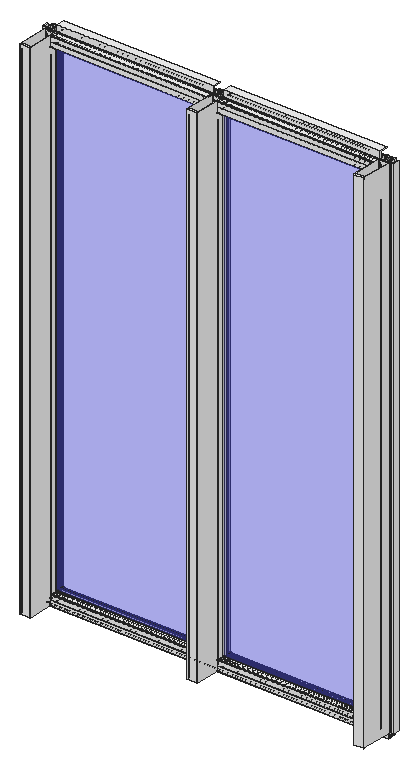
Revit family "Facade_60_Curtain_Wall_S21_Custom", category Windows, host Wall, Revit 2014
Parameters (values of type "F60-S21-Custom")
  Windload Design [instance] = if(Custom Windload < 1001 mm, 1000 mm, if(Custom Windload < 1501 mm, 1500 mm, 2000 mm))  # 1000 mm
  Width [instance] = if(Custom Curtain Wall Width < Limit Door Width Min, Limit Door Width Min, if(Custom Curtain Wall Width > Limit Door Width Max, Limit Door Width Max, Custom Curtain Wall Width))  # 2000 mm
  Wall Thickness [instance] = 200 mm
  Vertical Profile Length [instance] = Height - Frame Bottom Gap  # 2970 mm
  URL = "http://www.crealco.co.za/crealco-products.php"
  Type Comments = ""
  Top Profile Overhang = 5.9 mm  # constant formula
  Thermal Resistance (R) [instance] = if(IGDB or SAGDB Number = 100100, 1.0000 (m²·K)/W / Intruderprufe U Value, if(IGDB or SAGDB Number = 100100, 1.0000 (m²·K)/W / Intruderprufe U Value, if(IGDB or SAGDB Number = 105003, 1.0000 (m²·K)/W / Intruderprufe Insulated U Value, if(IGDB or SAGDB Number = 105004, 1.0000 (m²·K)/W / Intruderprufe Insulated LowE U Value, 1.0000 (m²·K)/W / 7.9)))) * 1  # 0.126582 (m²·K)/W
  Thermal Break Material = Plastic, Opaque Black
  Solar Heat Gain Coefficient [instance] = if(IGDB or SAGDB Number = 100100, Intruderprufe SHGC Value, if(IGDB or SAGDB Number = 103200, Intruderprufe LowE SHGC Value, if(IGDB or SAGDB Number = 105003, Intruderprufe Insulated SHGC Value, if(IGDB or SAGDB Number = 105004, Intruderprufe Insulated LowE SHGC Value, 0))))  # 0
  Single Glazing [instance] = if(DG Forced, 1 = 0, not(Double Glazing))  # no
  Sill Height = 85 mm  # constant formula
  SG Forced [instance] = not(DG Forced)  # no
  Quarter Expansion Break = no
  Overall Width [instance] = 2000 mm
  Overall Height [instance] = 3000 mm
  Mullion Side Gap [instance] = (Width / 2) - 30 mm  # 970 mm
  Mullion Configuration [instance] = if(Windload Design = 1000 mm, if(not(Height > 2490 mm), 1 mm, if(and(not(Height > 4990 mm), not(Width > 1790 mm)), 2 mm, 3 mm)), if(Windload Design = 1500 mm, if(Height > 2490 mm, 3 mm, if(Width > 2990 mm, 2 mm, 1 mm)), if(Height > 2490 mm, 3 mm, if(Width > 1790 mm, 2 mm, 1 mm))))  # 3 mm
  Model = "Facade 60"
  Max System DG Unit Thickness = 25 mm  # constant formula
  Max System DG One Piece Thickness [instance] = rounddown((Max System DG Unit Thickness - DG Gasket Thickness) / 2 mm) * 1 mm  # 6 mm
  Max Pane Area [instance] = Glazing Width * Glazing Height  # 2.74704 m²
  Manufacturer = "Crealco"
  Limit Door Width Min = (2 * Limit Panel Width Min) + (2 * Glazing Side Gap) + 19.6 mm  # 699.2 mm
  Limit Door Width Max = (2 * Limit Panel Width Max) + (2 * Glazing Side Gap) + 19.6 mm  # 6099.2 mm
  Limit Door Height Min = Limit Panel Height Min + Glazing Top Gap + Glazing Bottom Gap  # 409.6 mm
  Limit Door Height Max = Limit Panel Height Max + Glazing Top Gap + Glazing Bottom Gap  # 6109.6 mm
  Limit Panel Width Min = 300 mm  # constant formula
  Limit Panel Width Max = 3000 mm  # constant formula
  Limit Panel Height Min = 300 mm  # constant formula
  Limit Panel Height Max = 6000 mm  # constant formula
  Sill Length [instance] = Width  # 2000 mm
  Length Sill [instance] = Width  # 2000 mm
  Keynote = ""
  Jamb Width = 60 mm  # constant formula
  Intruderprufe U Value = 0
  Intruderprufe SHGC Value = 0
  Intruderprufe LowE U Value = 0
  Intruderprufe LowE SHGC Value = 0
  Intruderprufe Insulated U Value = 0
  Intruderprufe Insulated SHGC Value = 0
  Intruderprufe Insulated LowE U Value = 0
  Intruderprufe Insulated LowE SHGC Value = 0
  Horizontal Profile Length [instance] = (Width - (2 * Jamb Width) - 60 mm) / 2  # 910 mm
  Half Expansion Break = no
  Glazing Width [instance] = Horizontal Profile Length + (2 mm * 20.2)  # 950.4 mm
  Glazing Top Gap = 39.8 mm  # constant formula
  Glazing Side Gap = 39.8 mm  # constant formula
  Glazing Height [instance] = Height - Glazing Top Gap - Glazing Bottom Gap  # 2890.4 mm
  Glazing Gap SG [instance] = (14 mm - SG Thickness) / 2  # 3.8 mm
  Glazing Gap DG [instance] = (28 mm - (DG Thickness + DG Thickness + DG Gasket Thickness)) / 2  # 3 mm
  Glazing Bottom Gap = 69.8 mm  # constant formula
  Frame Thickness = 101.8 mm  # constant formula
  Frame Bottom Gap = 30 mm  # constant formula
  Door Leaf Height [instance] = 2050 mm
  Double Glazing [instance] = yes
  DG Thickness Calc [instance] = if(not(Max Pane Area > 1.125 m²), 4 mm, if(not(Max Pane Area > 2.25 m²), 4 mm, if(not(Max Pane Area > 3.15 m²), 5 mm, if(not(Max Pane Area > 4.35 m²), 6 mm, if(not(Max Pane Area > 6.45 m²), 8 mm, 10 mm)))))  # 5 mm
  DG Thickness [instance] = if(IGDB or SAGDB Number = 105003, 6 mm, if(IGDB or SAGDB Number = 105004, 7 mm, if(DG Thickness Calc > Max System DG One Piece Thickness, Max System DG One Piece Thickness, DG Thickness Calc)))  # 5 mm
  DG Gasket Thickness = 12 mm  # constant formula
  DG Gasket Finish [instance] = Double Glazing Gasket Material
  DG Forced [instance] = if(IGDB or SAGDB Number = 100100, 1 = 0, if(IGDB or SAGDB Number = 103200, 1 = 0, if(IGDB or SAGDB Number = 105003, 1 = 1, if(IGDB or SAGDB Number = 105004, 1 = 1, Double Glazing))))  # yes
  IGDB or SAGDB Number [instance] = 0
  Height [instance] = if(Custom Curtain Wall Height < Limit Door Height Min, Limit Door Height Min, if(Custom Curtain Wall Height > Limit Door Height Max, Limit Door Height Max, Custom Curtain Wall Height))  # 3000 mm
  Heat Transfer Coefficient (U) [instance] = if(IGDB or SAGDB Number = 100100, Intruderprufe U Value, if(IGDB or SAGDB Number = 103200, Intruderprufe LowE U Value, if(IGDB or SAGDB Number = 105003, Intruderprufe Insulated U Value, if(IGDB or SAGDB Number = 105004, Intruderprufe Insulated LowE U Value, 7.9)))) * 1.0000 W/(m²·K)  # 7.9000 W/(m²·K)
  SG Thickness [instance] = if(IGDB or SAGDB Number = 100100, 6 mm, if(IGDB or SAGDB Number = 103200, 7 mm, if(not(Max Pane Area > 0.75 m²), 4 mm, if(not(Max Pane Area > 1.50 m²), 4 mm, if(not(Max Pane Area > 2.10 m²), 5 mm, if(not(Max Pane Area > 2.90 m²), 6.4 mm, if(not(Max Pane Area > 4.30 m²), 8 mm, 10 mm)))))))  # 6.4 mm
  Glazing Material [instance] = if(IGDB or SAGDB Number = 100100, "PFG INTRUDERPRUFE 6.38mm", if(IGDB or SAGDB Number = 103200, "PFG INTRUDERPRUFE LOW-E 7.38mm", if(IGDB or SAGDB Number = 105003, "PFG 25mm INTRUDERPRUFE INSULATED GLASS", if(IGDB or SAGDB Number = 105004, "PFG 25mm INTRUDERPRUFE INSULATED GLASS LOW-E", "Unknown"))))  # "Unknown"
  Glazing Finish [instance] = Glass
  Glazing Code [instance] = if(IGDB or SAGDB Number = 100100, "LAM01", if(IGDB or SAGDB Number = 103200, "LAM01E", if(IGDB or SAGDB Number = 105003, "IGU25", if(IGDB or SAGDB Number = 105004, "IGU25E", "Unknown"))))  # "Unknown"
  Frame Offset From Exterior [instance] = if(Centered In Wall, (Wall Thickness - Frame Thickness) / 2, Custom Offset From Exterior) + 5.9 mm  # 55 mm
  Description = "Curtain Wall, S21"
  Default Sill Height = 0 mm
  Wall Closure = By host
  Custom Curtain Wall Width [instance] = 2000 mm
  Custom Curtain Wall Height [instance] = 3000 mm
  Custom Windload [instance] = 1000 mm
  Custom Offset From Exterior [instance] = 0 mm
  Centered In Wall [instance] = yes
  Aluminium Finish [instance] = White Powder Coated Aluminium ANP 1052
  All Available Glazing Numbers [instance] = "The rows below list the available glazing materials for this window:"  # constant formula
  190mm Mullion [instance] = if(Mullion Configuration = 3 mm, 1 = 1, 1 = 0)  # yes
  160mm Mullion [instance] = if(Mullion Configuration = 2 mm, 1 = 1, 1 = 0)  # no
  105004 [instance] = "IGU25E"  # constant formula
  105003 [instance] = "IGU25"  # constant formula
  103200 [instance] = "LAM01E"  # constant formula
  100mm Mullion [instance] = if(or(Mullion Configuration = 2 mm, Mullion Configuration = 3 mm), 1 = 0, 1 = 1)  # no
  100100 [instance] = "LAM01"  # constant formula
Reference planes
  plane 1 "Center (Front/Back)": y = 0
  plane 2 "Center (Left/Right)": x = 0
  plane 3 "Left": x = -1000
  plane 4 "Right": x = 1000
  plane 5 "Sill": z = 0
  plane 6 "Head": z = 3000
  plane 7 "Exterior": y = 100
  plane 8 "Interior": y = -100
Lines and regions (mm)
  Opening 1
    outline origin (3507.082, -100, 0) x (1, 0, 0) y (0, 0, 1)
      loop
        line (-2507.082, 0) -> (-2507.082, 3000) -> (-4507.082, 3000) -> (-4507.082, 0) -> (-2507.082, 0)
Text (mm)
  text "EXTERIOR" at (-1963.203, 1332.353, 0), in view "Ref. Level"
  text "INTERIOR" at (-1981.466, -818.386, 0), in view "Ref. Level"
  text "Exterior" at (0, 923.751, 2943.296), in view "Right"
  text "Exterior" at (0, 1040.484, 2685.409), in view "Left"
Dimensions and locks
  equal spacing: plane 3 "Left", plane 2 "Center (Left/Right)", plane 4 "Right"
  "Width": plane 3 "Left" to plane 4 "Right"
  "Height": plane 5 "Sill" to plane 6 "Head"
  "Default Sill Height": plane 5 "Sill" to level
  locked: plane 7 "Exterior" to host wall at 0
  locked: plane 8 "Interior" to host wall
  "Overall Height": plane 6 "Head" to plane 5 "Sill"
  "Overall Width": plane 3 "Left" to plane 4 "Right"
  "Wall Thickness": host wall to host wall
  "Jamb Width": nested 3 to plane 4 "Right"
  "Jamb Width": nested 5 to plane 4 "Right"
  "Frame Bottom Gap": nested 5 to level
  "Frame Offset From Exterior": nested 1 to plane 7 "Exterior"
  "Glazing Side Gap": nested 6 to plane 4 "Right"
  "Glazing Top Gap": nested 6 to plane 6 "Head"
  "Glazing Gap SG": nested 6 to nested 1
  "Glazing Side Gap": nested 7 to plane 4 "Right"
  "Glazing Top Gap": nested 7 to plane 6 "Head"
  "Glazing Gap DG": nested 7 to nested 1
  "Mullion Side Gap": nested 8 to plane 4 "Right"
  "Frame Bottom Gap": nested 8 to level
  "Jamb Width": plane 3 "Left" to nested 10
  "Jamb Width": plane 3 "Left" to nested 9
  "Glazing Side Gap": plane 3 "Left" to nested 11
  "Glazing Side Gap": plane 3 "Left" to nested 12
  "Glazing Gap SG": nested 2 to nested 12
  "Glazing Gap DG": nested 2 to nested 11
  "Glazing Bottom Gap": nested 11 to level
  "Glazing Bottom Gap": nested 12 to level
  "Frame Bottom Gap": nested 9 to level
  aligned and locked: plane 4 "Right" to nested 1
  aligned and locked: nested 1 to plane 6 "Head"
  aligned and locked: plane 3 "Left" to nested 2
  aligned and locked: plane 6 "Head" to nested 2
  aligned and locked: nested 3 to plane 6 "Head"
  aligned and locked: nested 4 to level
  aligned and locked: plane 4 "Right" to nested 4
  aligned and locked: nested 1 to nested 2
  aligned and locked: nested 5 to nested 4
  aligned and locked: nested 8 to nested 2
  aligned and locked: nested 10 to plane 6 "Head"
  aligned and locked: nested 5 to nested 10
  aligned and locked: nested 5 to nested 9
  aligned and locked: nested 10 to nested 3
  aligned and locked: nested 10 to nested 2
Automatic sketch dimensions
  plane 3 "Left" to Opening 1 sketch curve = 0 mm
  plane 4 "Right" to Opening 1 sketch curve = 0 mm
  Opening 1 sketch curve to plane 5 "Sill" = 0 mm
  Opening 1 sketch curve to plane 6 "Head" = 0 mm
Nested families
  nested 1: "F60 Vertical Profile Side_S21_Cust" at (1000, -1.058, 30) x (-1, 0, 0) z (0, 0, 1), Thermal Break Material <- "Thermal Break Material", Profile Material <- "Aluminium Finish", Length <- "Vertical Profile Length", Single Glazing <- "SG Forced", Double Glazing <- "DG Forced", 100mm Mullion <- "100mm Mullion", 160mm Mullion <- "160mm Mullion", 190mm Mullion <- "190mm Mullion", Quarter Expansion Break <- "Quarter Expansion Break", Half Expansion Break <- "Half Expansion Break", type "F60 Vertical Profile Side_S21_Cust"
    with Thermal Break Material Plastic, Opaque Black, Single Glazing no, Quarter SG Expansion Break no, Quarter Length 742.5 mm, Quarter Expansion Break no, Quarter DG Expansion Break no, Quarter 190mm Expansion Break no, Quarter 160mm Expansion Break no, Quarter 100mm Expansion Break no, Profile Material White Powder Coated Aluminium ANP 1052, Length 2970 mm, Half SG Expansion Break no, Half Length 1485 mm, Half Expansion Break no, Half DG Expansion Break no, Half 190mm Expansion Joint no, Half 160mm Expansion Break no, Half 100mm Expansion Break no, Double Glazing yes, 190mm Mullion yes, 160mm Mullion no, 100mm Mullion no
  nested 2: "F60 Vertical Profile Side_S21_Cust" at (-1000, -1.058, 30), Thermal Break Material <- "Thermal Break Material", Profile Material <- "Aluminium Finish", Length <- "Vertical Profile Length", Single Glazing <- "SG Forced", Double Glazing <- "DG Forced", 100mm Mullion <- "100mm Mullion", 160mm Mullion <- "160mm Mullion", 190mm Mullion <- "190mm Mullion", Quarter Expansion Break <- "Quarter Expansion Break", Half Expansion Break <- "Half Expansion Break", type "F60 Vertical Profile Side_S21_Cust"
    with Thermal Break Material Plastic, Opaque Black, Single Glazing no, Quarter SG Expansion Break no, Quarter Length 742.5 mm, Quarter Expansion Break no, Quarter DG Expansion Break no, Quarter 190mm Expansion Break no, Quarter 160mm Expansion Break no, Quarter 100mm Expansion Break no, Profile Material White Powder Coated Aluminium ANP 1052, Length 2970 mm, Half SG Expansion Break no, Half Length 1485 mm, Half Expansion Break no, Half DG Expansion Break no, Half 190mm Expansion Joint no, Half 160mm Expansion Break no, Half 100mm Expansion Break no, Double Glazing yes, 190mm Mullion yes, 160mm Mullion no, 100mm Mullion no
  nested 3: "F60 Horizontal Profile Top_S21_Cust" at (940, -50.858, 2940) x (-1, 0, 0) z (0, 0, 1), Thermal Break Material <- "Thermal Break Material", Profile Material <- "Aluminium Finish", Length <- "Horizontal Profile Length", Single Glazing <- "SG Forced", Double Glazing <- "DG Forced", type "F60 Horizontal Profile Top_S21_Cust"
    with Thermal Break Material Plastic, Opaque Black, Single Glazing no, Profile Material White Powder Coated Aluminium ANP 1052, Length 910 mm, Double Glazing yes
  nested 4: "F60 Sill_S21_Cust" at (1000, -13.486, -1.88) x (-1, 0, 0) z (0, 0, 1), Profile Material <- "Aluminium Finish", Length Sill <- "Length Sill", type "F60 Sill_S21_Cust"
    with Profile Material White Powder Coated Aluminium ANP 1052, Length Sill 2000 mm
  nested 5: "F60 Horizontal Profile Bottom_S21_Cust" at (940, -50.858, 30) x (-1, 0, 0) z (0, 0, 1), Thermal Break Material <- "Thermal Break Material", Profile Material <- "Aluminium Finish", Length <- "Horizontal Profile Length", Single Glazing <- "SG Forced", Double Glazing <- "DG Forced", type "F60 Horizontal Profile Bottom_S21_Cust"
    with Thermal Break Material Plastic, Opaque Black, Single Glazing no, Profile Material White Powder Coated Aluminium ANP 1052, Length 910 mm, Double Glazing yes
  nested 6: "F60_Single_Glazing_S21_Cust" at (960.2, 9.142, 69.8), Glazing Width <- "Glazing Width", Glazing Height <- "Glazing Height", SG Thickness <- "SG Thickness", Glazing Finish <- "Glazing Finish", visible <- "SG Forced", type "F60_Single_Glazing_S21_Cust"
    with SG Thickness 6.4 mm, Glazing Width 950.4 mm, Glazing Height 2890.4 mm, Glazing Finish Glass
  nested 7: "F60_Double_Glazing_S21_Cust" at (960.2, 23.942, 69.8), Glazing Material <- "Glazing Finish", Double Glazing Gasket Material <- "DG Gasket Finish", Glazing Width <- "Glazing Width", Glazing Height <- "Glazing Height", Glazing Thickness DG <- "DG Thickness", Double Glazing Gasket Thickness <- "DG Gasket Thickness", visible <- "DG Forced", type "F60_Double_Glazing_S21_Cust"
    with Glazing Width 950.4 mm, Glazing Thickness DG 5 mm, Glazing Material Glass, Glazing Height 2890.4 mm, Double Glazing Gasket Thickness 12 mm, Double Glazing Gasket Material Double Glazing Gasket Material
  nested 8: "F60 Vertical Profile Middle_S21_Cust" at (30, -1.058, 30) x (-1, 0, 0) z (0, 0, 1), Thermal Break Material <- "Thermal Break Material", Profile Material <- "Aluminium Finish", Single Glazing <- "SG Forced", Double Glazing <- "DG Forced", 190mm Mullion <- "190mm Mullion", 160mm Mullion <- "160mm Mullion", 100mm Mullion <- "100mm Mullion", Length <- "Vertical Profile Length", Half Expansion Break <- "Half Expansion Break", Quarter Expansion Break <- "Quarter Expansion Break", type "F60 Vertical Profile Middle_S21_Cust"
    with Thermal Break Material Plastic, Opaque Black, Single Glazing no, Quarter SG Expansion Break no, Quarter Length 742.5 mm, Quarter Expansion Break no, Quarter DG Expansion Break no, Quarter 190mm Expansion Break no, Quarter 160mm Expansion Break no, Quarter 100mm Expansion Break no, Profile Material White Powder Coated Aluminium ANP 1052, Length 2970 mm, Half SG Expansion Break no, Half Length 1485 mm, Half Expansion Break no, Half DG Expansion Break no, Half 190mm Expansion Joint no, Half 160mm Expansion Break no, Half 100mm Expansion Break no, Double Glazing yes, 190mm Mullion yes, 160mm Mullion no, 100mm Mullion no
  nested 9: "F60 Horizontal Profile Bottom_S21_Cust" at (-30, -50.858, 30) x (-1, 0, 0) z (0, 0, 1), Thermal Break Material <- "Thermal Break Material", Profile Material <- "Aluminium Finish", Length <- "Horizontal Profile Length", Single Glazing <- "SG Forced", Double Glazing <- "DG Forced", type "F60 Horizontal Profile Bottom_S21_Cust"
    with Thermal Break Material Plastic, Opaque Black, Single Glazing no, Profile Material White Powder Coated Aluminium ANP 1052, Length 910 mm, Double Glazing yes
  nested 10: "F60 Horizontal Profile Top_S21_Cust" at (-30, -50.858, 2940) x (-1, 0, 0) z (0, 0, 1), Thermal Break Material <- "Thermal Break Material", Profile Material <- "Aluminium Finish", Length <- "Horizontal Profile Length", Single Glazing <- "SG Forced", Double Glazing <- "DG Forced", type "F60 Horizontal Profile Top_S21_Cust"
    with Thermal Break Material Plastic, Opaque Black, Single Glazing no, Profile Material White Powder Coated Aluminium ANP 1052, Length 910 mm, Double Glazing yes
  nested 11: "F60_Double_Glazing_S21_Cust" at (-9.8, 23.942, 69.8), Glazing Material <- "Glazing Finish", Double Glazing Gasket Material <- "DG Gasket Finish", Glazing Width <- "Glazing Width", Glazing Height <- "Glazing Height", Glazing Thickness DG <- "DG Thickness", Double Glazing Gasket Thickness <- "DG Gasket Thickness", visible <- "DG Forced", type "F60_Double_Glazing_S21_Cust"
    with Glazing Width 950.4 mm, Glazing Thickness DG 5 mm, Glazing Material Glass, Glazing Height 2890.4 mm, Double Glazing Gasket Thickness 12 mm, Double Glazing Gasket Material Double Glazing Gasket Material
  nested 12: "F60_Single_Glazing_S21_Cust" at (-9.8, 9.142, 69.8), Glazing Width <- "Glazing Width", Glazing Height <- "Glazing Height", SG Thickness <- "SG Thickness", Glazing Finish <- "Glazing Finish", visible <- "SG Forced", type "F60_Single_Glazing_S21_Cust"
    with SG Thickness 6.4 mm, Glazing Width 950.4 mm, Glazing Height 2890.4 mm, Glazing Finish Glass
Definition of nested family "F60 Vertical Profile Side_S21_Cust"
  Parameters (values of type "F60 Vertical Profile Side")
    Quarter SG Expansion Break [instance] = if(and(Quarter Expansion Break, Single Glazing), 1 = 1, 1 = 0)  # yes
    Quarter Length [instance] = Length / 4  # 62.5 mm
    Thermal Break Material [instance] = none
    Single Glazing [instance] = yes
    Quarter Expansion Break [instance] = yes
    Quarter DG Expansion Break [instance] = if(and(Quarter Expansion Break, Double Glazing), 1 = 1, 1 = 0)  # yes
    Quarter 190mm Expansion Break [instance] = if(and(Quarter Expansion Break, [190mm Mullion]), 1 = 1, 1 = 0)  # yes
    Quarter 160mm Expansion Break [instance] = if(and(Quarter Expansion Break, [160mm Mullion]), 1 = 1, 1 = 0)  # yes
    Quarter 100mm Expansion Break [instance] = if(and(Quarter Expansion Break, [100mm Mullion]), 1 = 1, 1 = 0)  # yes
    Profile Material [instance] = none
    Length [instance] = 250 mm
    Half SG Expansion Break [instance] = if(and(Half Expansion Break, Single Glazing), 1 = 1, 1 = 0)  # yes
    Half Length [instance] = Length / 2  # 125 mm
    Half Expansion Break [instance] = yes
    Half DG Expansion Break [instance] = if(and(Half Expansion Break, Double Glazing), 1 = 1, 1 = 0)  # yes
    Half 190mm Expansion Joint [instance] = if(and(Half Expansion Break, [190mm Mullion]), 1 = 1, 1 = 0)  # yes
    Half 160mm Expansion Break [instance] = if(and(Half Expansion Break, [160mm Mullion]), 1 = 1, 1 = 0)  # yes
    Half 100mm Expansion Break [instance] = if(and(Half Expansion Break, [100mm Mullion]), 1 = 1, 1 = 0)  # yes
    Double Glazing [instance] = yes
    190mm Mullion [instance] = yes
    160mm Mullion [instance] = yes
    100mm Mullion [instance] = yes
  Reference planes
    plane 1 "Center (Front/Back)": y = 0
    plane 2: z = 0
    plane 3 "Center (Left/Right)": x = 0
  Forms (mm)
    Extrusion 1, solid, material <- "Profile Material"
      sketch origin (0, 0, 0) x (1, 0, 0) y (0, 1, 0)
        loop
          arc (25.249, -8.7) -> (25.484, -9.266) -> (26.049, -9.5) r 0.8
          line (26.049, -9.5) -> (27.1, -9.5) -> (27.1, 7) -> (32.902, 7) -> (32.902, -9.5) -> (33.951, -9.5)
          arc (33.951, -9.5) -> (34.516, -9.266) -> (34.751, -8.7) r 0.8
          line (34.751, -8.7) -> (34.751, 6.2)
          arc (34.751, 6.2) -> (34.985, 6.766) -> (35.551, 7) r 0.8
          line (35.551, 7) -> (52.1, 7) -> (52.1, 5.4) -> (50.55, 5.4) -> (50.55, 4.55)
          arc (50.55, 4.55) -> (50.726, 4.126) -> (51.15, 3.95) r 0.6
          line (51.15, 3.95) -> (52.1, 3.95) -> (52.1, 1)
          arc (52.1, 1) -> (51.6, 0.5) -> (52.1, 0) r 0.5
          line (52.1, 0) -> (54.45, 0) -> (54.45, 1.15) -> (53.3, 1.15) -> (53.3, 2.45) -> (58.8, 2.45) -> (58.8, 1.15) -> (57.65, 1.15) -> (57.65, 0) -> (59.5, 0)
          arc (59.5, 0) -> (59.854, 0.146) -> (60, 0.5) r 0.5
          line (60, 0.5) -> (60, 3.9) -> (53.55, 3.9) -> (53.55, 7.6)
          arc (53.55, 7.6) -> (53.316, 8.166) -> (52.75, 8.4) r 0.8
          line (52.75, 8.4) -> (30, 8.4) -> (7.25, 8.4)
          arc (7.25, 8.4) -> (6.684, 8.166) -> (6.45, 7.6) r 0.8
          line (6.45, 7.6) -> (6.45, 3.9) -> (0, 3.9) -> (0, 0.5)
          arc (0, 0.5) -> (0.146, 0.146) -> (0.5, 0) r 0.5
          line (0.5, 0) -> (2.35, 0) -> (2.35, 1.15) -> (1.2, 1.15) -> (1.2, 2.45) -> (6.7, 2.45) -> (6.7, 1.15) -> (5.55, 1.15) -> (5.55, 0) -> (7.9, 0)
          arc (7.9, 0) -> (8.4, 0.5) -> (7.9, 1) r 0.5
          line (7.9, 1) -> (7.9, 3.95) -> (8.85, 3.95)
          arc (8.85, 3.95) -> (9.274, 4.126) -> (9.45, 4.55) r 0.6
          line (9.45, 4.55) -> (9.45, 5.4) -> (7.9, 5.4) -> (7.9, 7) -> (24.449, 7)
          arc (24.449, 7) -> (25.015, 6.766) -> (25.249, 6.2) r 0.8
          line (25.249, 6.2) -> (25.249, -8.7)
      from 0 to 250 <- "Length"
    Extrusion 2, solid, material <- "Thermal Break Material"
      sketch origin (0, 0, 0) x (1, 0, 0) y (0, 1, 0)
        loop
          line (1.75, 9.8) -> (1.75, 5.2) -> (0, 5.2) -> (0, 3.9) -> (6.35, 3.9) -> (6.35, 7.856)
          arc (6.35, 7.856) -> (6.526, 8.281) -> (6.95, 8.456) r 0.6
          line (6.95, 8.456) -> (30, 8.456) -> (53.05, 8.456)
          arc (53.05, 8.456) -> (53.474, 8.281) -> (53.65, 7.856) r 0.6
          line (53.65, 7.856) -> (53.65, 3.9) -> (60, 3.9) -> (60, 5.2) -> (58.25, 5.2) -> (58.25, 9.8) -> (30, 9.8) -> (1.75, 9.8)
      from 0 to 250 <- "Length"
    Extrusion 3, solid, material <- "Thermal Break Material", visible <- "Single Glazing"
      sketch origin (0, 0, 0) x (1, 0, 0) y (0, 1, 0)
        loop
          line (25.749, -14.011) -> (27.672, -14.011) -> (28.481, -12.611) -> (31.518, -12.611) -> (32.327, -14.011) -> (34.249, -14.011)
          arc (34.249, -14.011) -> (34.603, -13.864) -> (34.749, -13.511) r 0.5
          line (34.749, -13.511) -> (34.749, -10.011)
          arc (34.749, -10.011) -> (34.603, -9.657) -> (34.249, -9.511) r 0.5
          line (34.249, -9.511) -> (32.352, -9.511) -> (32.352, 0.19) -> (31.349, 2.261)
          arc (31.349, 2.261) -> (29.999, 2.986) -> (28.649, 2.261) r 1.62
          line (28.649, 2.261) -> (27.647, 0.19) -> (27.647, -9.511) -> (25.749, -9.511)
          arc (25.749, -9.511) -> (25.396, -9.657) -> (25.249, -10.011) r 0.5
          line (25.249, -10.011) -> (25.249, -13.511)
          arc (25.249, -13.511) -> (25.396, -13.864) -> (25.749, -14.011) r 0.5
        loop
          line (28.504, -10.005) -> (28.504, -10.861)
          arc (28.504, -10.861) -> (28.651, -11.214) -> (29.004, -11.361) r 0.5
          line (29.004, -11.361) -> (30.994, -11.361)
          arc (30.994, -11.361) -> (31.348, -11.214) -> (31.494, -10.861) r 0.5
          line (31.494, -10.861) -> (31.494, -10.005) -> (30.708, -9.219)
          arc (30.708, -9.219) -> (30.383, -9.001) -> (29.999, -8.924) r 1.007
          arc (29.999, -8.924) -> (29.616, -8.999) -> (29.292, -9.217) r 0.986
          line (29.292, -9.217) -> (28.504, -10.005)
        loop
          arc (30.896, 1.935) -> (29.887, 2.44) -> (29.005, 1.735) r 1.047
          line (29.005, 1.735) -> (28.347, 0.374) -> (28.347, -6.993)
          arc (28.347, -6.993) -> (28.583, -7.417) -> (29.068, -7.441) r 0.5
          arc (29.068, -7.441) -> (29.999, -7.223) -> (30.93, -7.441) r 2.099
          arc (30.93, -7.441) -> (31.416, -7.417) -> (31.652, -6.993) r 0.5
          line (31.652, -6.993) -> (31.652, 0.374) -> (30.896, 1.935)
      from 0 to 250 <- "Length"
    Extrusion 4, solid, material <- "Profile Material", visible <- "Single Glazing"
      sketch origin (0, 0, 0) x (1, 0, 0) y (0, 1, 0)
        loop
          line (52.693, -14.011) -> (32.327, -14.011) -> (31.519, -12.611) -> (28.481, -12.611) -> (27.673, -14.011) -> (7.307, -14.011) -> (7.307, -15.011) -> (8.457, -15.011) -> (8.457, -16.261) -> (2.957, -16.261) -> (2.957, -15.011) -> (4.107, -15.011) -> (4.107, -14.011) -> (1.707, -14.011)
          arc (1.707, -14.011) -> (1.199, -14.293) -> (1.168, -14.873) r 0.6
          line (1.168, -14.873) -> (2.093, -16.772) -> (1.015, -17.298) -> (1.484, -18.261) -> (11.488, -18.261)
          arc (11.488, -18.261) -> (11.913, -18.085) -> (12.088, -17.661) r 0.6
          line (12.088, -17.661) -> (12.088, -16.811) -> (47.912, -16.811) -> (47.912, -17.661)
          arc (47.912, -17.661) -> (48.088, -18.085) -> (48.512, -18.261) r 0.6
          line (48.512, -18.261) -> (58.518, -18.261) -> (58.987, -17.298) -> (57.908, -16.772) -> (58.834, -14.874)
          arc (58.834, -14.874) -> (58.802, -14.293) -> (58.293, -14.011) r 0.6
          line (58.293, -14.011) -> (55.893, -14.011) -> (55.893, -15.011) -> (57.043, -15.011) -> (57.043, -16.261) -> (51.543, -16.261) -> (51.543, -15.011) -> (52.693, -15.011) -> (52.693, -14.011)
      from 0 to 250 <- "Length"
    Extrusion 5, solid, material <- "Profile Material", visible <- "Single Glazing"
      sketch origin (0, 0, 0) x (1, 0, 0) y (0, 1, 0)
        loop
          line (2.801, -18.261) -> (1.484, -18.261) -> (1.015, -17.298) -> (2.093, -16.772) -> (0.779, -14.076)
          arc (0.779, -14.076) -> (0.239, -14.21) -> (0.001, -14.713) r 0.65
          line (0.001, -14.713) -> (0.001, -28.068)
          arc (0.001, -28.068) -> (1.172, -30.897) -> (4.001, -32.068) r 4
          line (4.001, -32.068) -> (30.001, -32.068) -> (56.001, -32.068)
          arc (56.001, -32.068) -> (58.829, -30.897) -> (60.001, -28.068) r 4
          line (60.001, -28.068) -> (60.001, -14.713)
          arc (60.001, -14.713) -> (59.763, -14.21) -> (59.223, -14.076) r 0.65
          line (59.223, -14.076) -> (57.908, -16.772) -> (58.987, -17.298) -> (58.518, -18.261) -> (57.201, -18.261)
          arc (57.201, -18.261) -> (56.83, -18.425) -> (56.703, -18.811) r 0.5
          arc (56.703, -18.811) -> (56.83, -19.196) -> (57.201, -19.361) r 0.5
          line (57.201, -19.361) -> (58.951, -19.361) -> (58.951, -27.968)
          arc (58.951, -27.968) -> (58.131, -29.948) -> (56.151, -30.768) r 2.8
          line (56.151, -30.768) -> (30.001, -30.768) -> (3.851, -30.768)
          arc (3.851, -30.768) -> (1.871, -29.948) -> (1.051, -27.968) r 2.8
          line (1.051, -27.968) -> (1.051, -19.361) -> (2.801, -19.361)
          arc (2.801, -19.361) -> (3.172, -19.196) -> (3.298, -18.811) r 0.5
          arc (3.298, -18.811) -> (3.172, -18.425) -> (2.801, -18.261) r 0.5
      from 0 to 250 <- "Length"
    Extrusion 6, solid, material <- "Profile Material", visible <- "100mm Mullion"
      sketch origin (0, 0, 0) x (1, 0, 0) y (0, 1, 0)
        loop
          line (14.02, 13) -> (45.98, 13)
          arc (45.98, 13) -> (46.539, 12.842) -> (46.917, 12.4) r 1
          arc (46.917, 12.4) -> (47.285, 11.963) -> (47.833, 11.8) r 1
          line (47.833, 11.8) -> (58.15, 11.8) -> (58.15, 96.3) -> (47.833, 96.3)
          arc (47.833, 96.3) -> (47.285, 96.137) -> (46.917, 95.7) r 1
          arc (46.917, 95.7) -> (46.548, 95.263) -> (46, 95.1) r 1
          line (46, 95.1) -> (14, 95.1)
          arc (14, 95.1) -> (13.452, 95.263) -> (13.083, 95.7) r 1
          arc (13.083, 95.7) -> (12.715, 96.137) -> (12.167, 96.3) r 1
          line (12.167, 96.3) -> (1.85, 96.3) -> (1.85, 11.8) -> (12.167, 11.8)
          arc (12.167, 11.8) -> (12.715, 11.963) -> (13.083, 12.4) r 1
          arc (13.083, 12.4) -> (13.461, 12.842) -> (14.02, 13) r 1
        loop
          line (1.65, 9.856) -> (58.35, 9.856) -> (58.35, 5.2) -> (60, 5.2) -> (60, 98.8)
          arc (60, 98.8) -> (59.707, 99.507) -> (59, 99.8) r 1
          line (59, 99.8) -> (1, 99.8)
          arc (1, 99.8) -> (0.293, 99.507) -> (0, 98.8) r 1
          line (0, 98.8) -> (0, 5.2) -> (1.65, 5.2) -> (1.65, 9.856)
      from 0 to 250 <- "Length"
    Extrusion 7, solid, material <- "Profile Material", visible <- "160mm Mullion"
      sketch origin (0, 0, 0) x (1, 0, 0) y (0, 1, 0)
        loop
          arc (2.35, 15.6) -> (2.526, 15.176) -> (2.95, 15) r 0.6
          line (2.95, 15) -> (57.05, 15)
          arc (57.05, 15) -> (57.474, 15.176) -> (57.65, 15.6) r 0.6
          line (57.65, 15.6) -> (57.65, 153.7)
          arc (57.65, 153.7) -> (57.474, 154.124) -> (57.05, 154.3) r 0.6
          line (57.05, 154.3) -> (47.833, 154.3)
          arc (47.833, 154.3) -> (47.285, 154.137) -> (46.917, 153.7) r 1
          arc (46.917, 153.7) -> (46.548, 153.263) -> (46, 153.1) r 1
          line (46, 153.1) -> (14, 153.1)
          arc (14, 153.1) -> (13.452, 153.263) -> (13.083, 153.7) r 1
          arc (13.083, 153.7) -> (12.715, 154.137) -> (12.167, 154.3) r 1
          line (12.167, 154.3) -> (2.95, 154.3)
          arc (2.95, 154.3) -> (2.526, 154.124) -> (2.35, 153.7) r 0.6
          line (2.35, 153.7) -> (2.35, 15.6)
        loop
          arc (1, 159.8) -> (0.293, 159.507) -> (0, 158.8) r 1
          line (0, 158.8) -> (0, 5.2) -> (1.65, 5.2) -> (1.65, 10.013) -> (58.35, 10.013) -> (58.35, 5.2) -> (60, 5.2) -> (60, 158.8)
          arc (60, 158.8) -> (59.707, 159.507) -> (59, 159.8) r 1
          line (59, 159.8) -> (1, 159.8)
      from 0 to 250 <- "Length"
    Extrusion 8, solid, material <- "Profile Material", visible <- "190mm Mullion"
      sketch origin (0, 0, 0) x (1, 0, 0) y (0, 1, 0)
        loop
          line (57.25, 15.1) -> (57.25, 178.3)
          arc (57.25, 178.3) -> (56.957, 179.007) -> (56.25, 179.3) r 1
          line (56.25, 179.3) -> (3.75, 179.3)
          arc (3.75, 179.3) -> (3.043, 179.007) -> (2.75, 178.3) r 1
          line (2.75, 178.3) -> (2.75, 15.1)
          arc (2.75, 15.1) -> (2.984, 14.534) -> (3.55, 14.3) r 0.8
          line (3.55, 14.3) -> (56.45, 14.3)
          arc (56.45, 14.3) -> (57.016, 14.534) -> (57.25, 15.1) r 0.8
        loop
          line (60, 5.2) -> (60, 188.8)
          arc (60, 188.8) -> (59.707, 189.507) -> (59, 189.8) r 1
          line (59, 189.8) -> (1, 189.8)
          arc (1, 189.8) -> (0.293, 189.507) -> (0, 188.8) r 1
          line (0, 188.8) -> (0, 5.2) -> (1.65, 5.2) -> (1.65, 9.856) -> (58.35, 9.856) -> (58.35, 5.2) -> (60, 5.2)
      from 0 to 250 <- "Length"
    Extrusion 9, solid, material <- "Thermal Break Material", visible <- "Double Glazing"
      sketch origin (0, 0, 0) x (1, 0, 0) y (0, 1, 0)
        loop
          line (27.672, -28) -> (28.48, -26.6) -> (31.518, -26.6) -> (32.326, -28) -> (34.249, -28)
          arc (34.249, -28) -> (34.603, -27.854) -> (34.749, -27.5) r 0.5
          line (34.749, -27.5) -> (34.749, -10)
          arc (34.749, -10) -> (34.603, -9.646) -> (34.249, -9.5) r 0.5
          line (34.249, -9.5) -> (32.352, -9.5) -> (32.352, 0.198) -> (31.348, 2.272)
          arc (31.348, 2.272) -> (29.998, 2.997) -> (28.648, 2.272) r 1.62
          line (28.648, 2.272) -> (27.645, 0.201) -> (27.645, -9.5) -> (25.749, -9.5)
          arc (25.749, -9.5) -> (25.396, -9.646) -> (25.249, -10) r 0.5
          line (25.249, -10) -> (25.249, -27.5)
          arc (25.249, -27.5) -> (25.396, -27.854) -> (25.749, -28) r 0.5
          line (25.749, -28) -> (27.672, -28)
        loop
          arc (30.706, -9.206) -> (30.382, -8.99) -> (29.999, -8.913) r 1.007
          arc (29.999, -8.913) -> (29.616, -8.988) -> (29.292, -9.206) r 0.986
          line (29.292, -9.206) -> (27.142, -11.356)
          arc (27.142, -11.356) -> (26.926, -11.68) -> (26.849, -12.063) r 1
          line (26.849, -12.063) -> (26.849, -24)
          arc (26.849, -24) -> (27.142, -24.707) -> (27.849, -25) r 1
          line (27.849, -25) -> (32.149, -25)
          arc (32.149, -25) -> (32.856, -24.707) -> (33.149, -24) r 1
          line (33.149, -24) -> (33.149, -12.063)
          arc (33.149, -12.063) -> (33.073, -11.68) -> (32.856, -11.356) r 1
          line (32.856, -11.356) -> (30.706, -9.206)
        loop
          arc (28.345, -6.982) -> (28.581, -7.407) -> (29.067, -7.43) r 0.5
          arc (29.067, -7.43) -> (29.998, -7.213) -> (30.929, -7.43) r 2.099
          arc (30.929, -7.43) -> (31.414, -7.407) -> (31.651, -6.982) r 0.5
          line (31.651, -6.982) -> (31.651, 0.385) -> (30.895, 1.946)
          arc (30.895, 1.946) -> (29.885, 2.45) -> (29.004, 1.745) r 1.047
          line (29.004, 1.745) -> (28.345, 0.385) -> (28.345, -6.982)
      from 0 to 250 <- "Length"
    Extrusion 10, solid, material <- "Profile Material", visible <- "Double Glazing"
      sketch origin (0, 0, 0) x (1, 0, 0) y (0, 1, 0)
        loop
          line (52.692, -28) -> (32.327, -28) -> (31.518, -26.6) -> (28.48, -26.6) -> (27.672, -28) -> (7.306, -28) -> (7.306, -29) -> (8.456, -29) -> (8.456, -30.25) -> (2.956, -30.25) -> (2.956, -29) -> (4.106, -29) -> (4.106, -28) -> (1.706, -28)
          arc (1.706, -28) -> (1.198, -28.282) -> (1.167, -28.863) r 0.6
          line (1.167, -28.863) -> (2.093, -30.762) -> (1.014, -31.288) -> (1.483, -32.25) -> (11.488, -32.25)
          arc (11.488, -32.25) -> (11.912, -32.074) -> (12.088, -31.65) r 0.6
          line (12.088, -31.65) -> (12.088, -30.8) -> (47.911, -30.8) -> (47.911, -31.65)
          arc (47.911, -31.65) -> (48.087, -32.074) -> (48.511, -32.25) r 0.6
          line (48.511, -32.25) -> (58.517, -32.25) -> (58.986, -31.288) -> (57.907, -30.762) -> (58.833, -28.864)
          arc (58.833, -28.864) -> (58.801, -28.282) -> (58.292, -28) r 0.6
          line (58.292, -28) -> (55.892, -28) -> (55.892, -29) -> (57.042, -29) -> (57.042, -30.25) -> (51.542, -30.25) -> (51.542, -29) -> (52.692, -29) -> (52.692, -28)
      from 0 to 250 <- "Length"
    Extrusion 11, solid, material <- "Profile Material", visible <- "Double Glazing"
      sketch origin (0, 0, 0) x (1, 0, 0) y (0, 1, 0)
        loop
          line (2.8, -32.25) -> (1.483, -32.25) -> (1.014, -31.288) -> (2.093, -30.762) -> (0.778, -28.065)
          arc (0.778, -28.065) -> (0.238, -28.2) -> (0, -28.702) r 0.65
          line (0, -28.702) -> (0, -42.058)
          arc (0, -42.058) -> (1.172, -44.886) -> (4, -46.058) r 4
          line (4, -46.058) -> (30, -46.058) -> (56, -46.058)
          arc (56, -46.058) -> (58.828, -44.886) -> (60, -42.058) r 4
          line (60, -42.058) -> (60, -28.702)
          arc (60, -28.702) -> (59.762, -28.2) -> (59.222, -28.065) r 0.65
          line (59.222, -28.065) -> (57.907, -30.762) -> (58.986, -31.288) -> (58.517, -32.25) -> (57.2, -32.25)
          arc (57.2, -32.25) -> (56.829, -32.415) -> (56.703, -32.8) r 0.5
          arc (56.703, -32.8) -> (56.829, -33.185) -> (57.2, -33.35) r 0.5
          line (57.2, -33.35) -> (58.95, -33.35) -> (58.95, -41.958)
          arc (58.95, -41.958) -> (58.13, -43.938) -> (56.15, -44.758) r 2.8
          line (56.15, -44.758) -> (30, -44.758) -> (3.85, -44.758)
          arc (3.85, -44.758) -> (1.87, -43.938) -> (1.05, -41.958) r 2.8
          line (1.05, -41.958) -> (1.05, -33.35) -> (2.8, -33.35)
          arc (2.8, -33.35) -> (3.171, -33.185) -> (3.297, -32.8) r 0.5
          arc (3.297, -32.8) -> (3.171, -32.415) -> (2.8, -32.25) r 0.5
      from 0 to 250 <- "Length"
    Extrusion 12, solid, material <- "Profile Material", visible <- "Single Glazing"
      sketch origin (0, 0, 0) x (1, 0, 0) y (0, 1, 0)
        loop
          line (10.403, -10.171) -> (10.403, -3.821) -> (-21.349, -3.821) -> (-21.349, -35.567) -> (-14.999, -35.567) -> (-14.999, -10.171) -> (10.403, -10.171)
      from 0 to 250 <- "Length"
    Extrusion 13, solid, material <- "Profile Material", visible <- "Double Glazing"
      sketch origin (0, 0, 0) x (1, 0, 0) y (0, 1, 0)
        loop
          line (10.402, -7.775) -> (10.402, -1.425) -> (-21.35, -1.425) -> (-21.35, -33.172) -> (-15, -33.172) -> (-15, -7.775) -> (10.402, -7.775)
      from 0 to 250 <- "Length"
    Extrusion 14, solid, material <- "Profile Material", visible <- "Double Glazing"
      sketch origin (0, 0, 0) x (1, 0, 0) y (0, 1, 0)
        loop
          line (12, -7.775) -> (0, -7.775) -> (0, -25.775) -> (12, -25.775) -> (12, -7.775)
        loop
          line (10.8, -8.975) -> (1.2, -8.975) -> (1.2, -24.575) -> (10.8, -24.575) -> (10.8, -8.975)
      from 0 to 250 <- "Length"
  Lines and regions (mm)
    model lines, style "GenericModelHiddenLines", visible <- "Half 100mm Expansion Break"
      curve 1: line (60, 5.2, 125) -> (60, 95.2, 125)
      curve 2: line (60, 99.8, 125) -> (0, 99.8, 125)
      curve 8: line (0, 5.2, 125) -> (0, 95.2, 125)
    model lines, style "GenericModelHiddenLines", visible <- "Quarter 100mm Expansion Break"
      curve 3: line (60, 5.2, 187.5) -> (60, 95.2, 187.5)
      curve 4: line (60, 5.2, 62.5) -> (60, 95.2, 62.5)
      curve 5: line (60, 99.8, 62.5) -> (0, 99.8, 62.5)
      curve 6: line (60, 99.8, 187.5) -> (0, 99.8, 187.5)
      curve 7: line (0, 5.2, 187.5) -> (0, 95.2, 187.5)
      curve 9: line (0, 5.2, 62.5) -> (0, 95.2, 62.5)
    model lines, style "GenericModelHiddenLines", visible <- "Half SG Expansion Break"
      curve 10: line (4.107, -32.068, 125) -> (55.893, -32.068, 125)
      curve 14: line (60.001, -14.011, 125) -> (60.001, -32.068, 125)
    model lines, style "GenericModelHiddenLines", visible <- "Quarter SG Expansion Break"
      curve 11: line (4.107, -32.068, 187.5) -> (56.703, -32.068, 187.5)
      curve 12: line (4.107, -32.068, 62.5) -> (56.703, -32.068, 62.5)
      curve 13: line (60.001, -14.011, 187.5) -> (60.001, -32.068, 187.5)
      curve 15: line (60.001, -14.011, 62.5) -> (60.001, -32.068, 62.5)
    model lines, style "GenericModelHiddenLines", visible <- "Quarter 160mm Expansion Break"
      curve 16: line (0, 5.2, 187.5) -> (0, 155.2, 187.5)
      curve 18: line (0, 5.2, 62.5) -> (0, 155.2, 62.5)
      curve 19: line (0, 159.8, 187.5) -> (60, 159.8, 187.5)
      curve 21: line (0, 159.8, 62.5) -> (60, 159.8, 62.5)
      curve 22: line (60, 5.2, 187.5) -> (60, 155.2, 187.5)
      curve 24: line (60, 5.2, 62.5) -> (60, 155.2, 62.5)
    model lines, style "GenericModelHiddenLines", visible <- "Half 160mm Expansion Break"
      curve 17: line (0, 5.2, 125) -> (0, 155.2, 125)
      curve 20: line (0, 159.8, 125) -> (60, 159.8, 125)
      curve 23: line (60, 5.2, 125) -> (60, 155.2, 125)
    model lines, style "GenericModelHiddenLines", visible <- "Quarter 190mm Expansion Break"
      curve 25: line (0, 5.2, 187.5) -> (0, 185.2, 187.5)
      curve 27: line (0, 5.2, 62.5) -> (0, 185.2, 62.5)
      curve 28: line (0.779, 189.8, 187.5) -> (59.222, 189.8, 187.5)
      curve 30: line (0.779, 189.8, 62.5) -> (59.222, 189.8, 62.5)
      curve 31: line (60, 5.2, 187.5) -> (60, 185.2, 187.5)
      curve 33: line (60, 5.2, 62.5) -> (60, 185.2, 62.5)
    model lines, style "GenericModelHiddenLines", visible <- "Half 190mm Expansion Joint"
      curve 26: line (0, 5.2, 125) -> (0, 185.2, 125)
      curve 29: line (0.779, 189.8, 125) -> (59.222, 189.8, 125)
      curve 32: line (60, 5.2, 125) -> (60, 185.2, 125)
    model lines, style "GenericModelHiddenLines", visible <- "Quarter DG Expansion Break"
      curve 34: line (60, -28.065, 187.5) -> (60, -46.074, 187.5)
      curve 36: line (60, -28.065, 62.5) -> (60, -46.027, 62.5)
      curve 37: line (59.222, -46.058, 187.5) -> (0.779, -46.058, 187.5)
      curve 39: line (59.222, -46.058, 62.5) -> (0.779, -46.058, 62.5)
    model lines, style "GenericModelHiddenLines", visible <- "Half DG Expansion Break"
      curve 35: line (60, -28.065, 125) -> (60, -46.074, 125)
      curve 38: line (59.222, -46.058, 125) -> (0.779, -46.058, 125)
  Dimensions and locks
    "Half Length": curve 1 to level
    "Half Length": level to curve 2
    "Quarter Length": curve 4 to level
    "Quarter Length": Extrusion 8 to curve 3
    "Quarter Length": level to curve 5
    "Quarter Length": curve 6 to Extrusion 6
    "Quarter Length": curve 9 to level
    "Half Length": curve 8 to level
    "Quarter Length": Extrusion 8 to curve 7
    "Quarter Length": curve 12 to level
    "Half Length": curve 10 to level
    "Quarter Length": Extrusion 5 to curve 11
    "Quarter Length": curve 15 to level
    "Half Length": curve 14 to level
    "Quarter Length": Extrusion 5 to curve 13
    "Quarter Length": Extrusion 7 to curve 18
    "Half Length": Extrusion 7 to curve 17
    "Quarter Length": Extrusion 7 to curve 16
    "Quarter Length": Extrusion 7 to curve 21
    "Quarter Length": curve 19 to Extrusion 7
    "Half Length": Extrusion 7 to curve 20
    "Quarter Length": Extrusion 7 to curve 24
    "Quarter Length": Extrusion 7 to curve 22
    "Half Length": Extrusion 7 to curve 23
    "Quarter Length": Extrusion 8 to curve 27
    "Quarter Length": Extrusion 8 to curve 25
    "Half Length": Extrusion 8 to curve 26
    "Quarter Length": Extrusion 8 to curve 30
    "Quarter Length": curve 28 to Extrusion 8
    "Half Length": Extrusion 8 to curve 29
    "Quarter Length": Extrusion 8 to curve 33
    "Quarter Length": Extrusion 8 to curve 31
    "Half Length": Extrusion 8 to curve 32
    "Quarter Length": Extrusion 11 to curve 36
    "Quarter Length": Extrusion 11 to curve 34
    "Half Length": Extrusion 11 to curve 35
    "Quarter Length": Extrusion 11 to curve 37
    "Quarter Length": curve 39 to Extrusion 11
    "Half Length": curve 38 to Extrusion 11
    aligned and locked: level to plane 2
  Automatic sketch dimensions
    Extrusion 1 sketch curve to plane 3 "Center (Left/Right)" = 0 mm
    plane 1 "Center (Front/Back)" to Extrusion 1 sketch curve = 0 mm  (x4)
    plane 3 "Center (Left/Right)" to Extrusion 1 sketch curve = 0.5 mm
    Extrusion 1 sketch curve to Extrusion 1 sketch curve = 0.7 mm  (x2)
    Extrusion 1 sketch curve to Extrusion 1 sketch curve = 1.15 mm  (x4)
    Extrusion 1 sketch curve to Extrusion 1 sketch curve = 3.2 mm  (x2)
    Extrusion 1 sketch curve to Extrusion 1 sketch curve = 0.9 mm
    Extrusion 1 sketch curve to Extrusion 1 sketch curve = 0.25 mm
    Extrusion 1 sketch curve to Extrusion 1 sketch curve = 0.8 mm  (x7)
    Extrusion 1 sketch curve to Extrusion 1 sketch curve = 1.45 mm  (x2)
    Extrusion 1 sketch curve to Extrusion 1 sketch curve = 0.65 mm  (x3)
    Extrusion 1 sketch curve to Extrusion 1 sketch curve = 0.95 mm  (x3)
    Extrusion 1 sketch curve to Extrusion 1 sketch curve = 0.6 mm  (x3)
    Extrusion 1 sketch curve to plane 1 "Center (Front/Back)" = 7 mm
    Extrusion 1 sketch curve to Extrusion 1 sketch curve = 14.999 mm  (x2)
    plane 1 "Center (Front/Back)" to Extrusion 1 sketch curve = 8.7 mm
    Extrusion 1 sketch curve to Extrusion 1 sketch curve = 1.85 mm
    Extrusion 1 sketch curve to Extrusion 1 sketch curve = 2.9 mm
    Extrusion 1 sketch curve to Extrusion 1 sketch curve = 5.802 mm
    Extrusion 1 sketch curve to Extrusion 1 sketch curve = 1.049 mm
    Extrusion 1 sketch curve to plane 1 "Center (Front/Back)" = 4.55 mm
    Extrusion 1 sketch curve to plane 1 "Center (Front/Back)" = 0.5 mm  (x3)
    Extrusion 1 sketch curve to Extrusion 1 sketch curve = 1.2 mm
    Extrusion 1 sketch curve to plane 1 "Center (Front/Back)" = 1.15 mm  (x2)
    Extrusion 1 sketch curve to Extrusion 1 sketch curve = 0 mm
    Extrusion 1 sketch curve to Extrusion 1 sketch curve = 1.3 mm  (x2)
    Extrusion 1 sketch curve to Extrusion 1 sketch curve = 0.05 mm  (x2)
    Extrusion 1 sketch curve to Extrusion 1 sketch curve = 0.85 mm  (x2)
    Extrusion 1 sketch curve to plane 1 "Center (Front/Back)" = 6.2 mm
    Extrusion 2 sketch curve to plane 3 "Center (Left/Right)" = 0 mm
    plane 3 "Center (Left/Right)" to Extrusion 2 sketch curve = 1.75 mm
    Extrusion 2 sketch curve to Extrusion 2 sketch curve = 4.6 mm  (x4)
    Extrusion 2 sketch curve to Extrusion 2 sketch curve = 0.6 mm  (x2)
    Extrusion 2 sketch curve to plane 1 "Center (Front/Back)" = 9.8 mm
    Extrusion 2 sketch curve to Extrusion 2 sketch curve = 23.05 mm  (x2)
    Extrusion 2 sketch curve to Extrusion 2 sketch curve = 0 mm
    Extrusion 2 sketch curve to plane 1 "Center (Front/Back)" = 8.456 mm
    Extrusion 2 sketch curve to Extrusion 2 sketch curve = 1.75 mm
    Extrusion 2 sketch curve to plane 1 "Center (Front/Back)" = 3.9 mm  (x2)
    plane 3 "Center (Left/Right)" to Extrusion 3 sketch curve = 25.249 mm
    Extrusion 3 sketch curve to Extrusion 3 sketch curve = 0.5 mm  (x6)
    Extrusion 3 sketch curve to plane 1 "Center (Front/Back)" = 0.19 mm  (x2)
    Extrusion 3 sketch curve to Extrusion 3 sketch curve = 1.897 mm  (x2)
    Extrusion 3 sketch curve to Extrusion 3 sketch curve = 1.922 mm  (x2)
    Extrusion 3 sketch curve to plane 1 "Center (Front/Back)" = 0.374 mm  (x2)
    Extrusion 3 sketch curve to Extrusion 3 sketch curve = 0.7 mm  (x2)
    plane 1 "Center (Front/Back)" to Extrusion 3 sketch curve = 12.611 mm
    Extrusion 3 sketch curve to Extrusion 3 sketch curve = 0.809 mm
    Extrusion 3 sketch curve to Extrusion 3 sketch curve = 0.858 mm
    Extrusion 3 sketch curve to plane 1 "Center (Front/Back)" = 2.261 mm  (x2)
    Extrusion 3 sketch curve to Extrusion 3 sketch curve = 0.303 mm
    Extrusion 3 sketch curve to plane 1 "Center (Front/Back)" = 1.735 mm
    Extrusion 3 sketch curve to Extrusion 3 sketch curve = 0.356 mm
    plane 1 "Center (Front/Back)" to Extrusion 3 sketch curve = 9.217 mm
    Extrusion 3 sketch curve to Extrusion 3 sketch curve = 0.788 mm
    Extrusion 3 sketch curve to Extrusion 3 sketch curve = 0.701 mm
    Extrusion 3 sketch curve to Extrusion 3 sketch curve = 0.003 mm
    Extrusion 3 sketch curve to Extrusion 3 sketch curve = 0.992 mm
    Extrusion 3 sketch curve to Extrusion 3 sketch curve = 0.006 mm
    Extrusion 3 sketch curve to Extrusion 3 sketch curve = 0.002 mm
    plane 1 "Center (Front/Back)" to Extrusion 3 sketch curve = 9.219 mm
    Extrusion 3 sketch curve to Extrusion 3 sketch curve = 0.709 mm
    Extrusion 3 sketch curve to plane 1 "Center (Front/Back)" = 1.935 mm
    Extrusion 3 sketch curve to Extrusion 3 sketch curve = 0.899 mm
    Extrusion 3 sketch curve to Extrusion 3 sketch curve = 0.998 mm
    Extrusion 3 sketch curve to Extrusion 3 sketch curve = 0.444 mm
    Extrusion 3 sketch curve to Extrusion 3 sketch curve = 0.524 mm
    Extrusion 3 sketch curve to Extrusion 3 sketch curve = 0.756 mm
    Extrusion 3 sketch curve to Extrusion 3 sketch curve = 0.808 mm
    Extrusion 3 sketch curve to Extrusion 3 sketch curve = 0.9 mm  (x2)
    Extrusion 3 sketch curve to Extrusion 3 sketch curve = 1.25 mm
    Extrusion 3 sketch curve to Extrusion 3 sketch curve = 0.85 mm  (x2)
    Extrusion 3 sketch curve to Extrusion 3 sketch curve = 0.856 mm  (x2)
    Extrusion 3 sketch curve to Extrusion 3 sketch curve = 0.714 mm
    Extrusion 3 sketch curve to Extrusion 3 sketch curve = 0.02 mm
    Extrusion 3 sketch curve to Extrusion 3 sketch curve = 0.399 mm
    Extrusion 3 sketch curve to Extrusion 3 sketch curve = 2.224 mm
    Extrusion 3 sketch curve to Extrusion 3 sketch curve = 0.448 mm
    Extrusion 3 sketch curve to Extrusion 3 sketch curve = 0.032 mm
    Extrusion 3 sketch curve to Extrusion 3 sketch curve = 0 mm
    plane 3 "Center (Left/Right)" to Extrusion 4 sketch curve = 1.015 mm
    Extrusion 4 sketch curve to Extrusion 4 sketch curve = 0.469 mm
    plane 3 "Center (Left/Right)" to Extrusion 4 sketch curve = 1.707 mm
    Extrusion 4 sketch curve to Extrusion 4 sketch curve = 1.079 mm
    Extrusion 4 sketch curve to Extrusion 4 sketch curve = 0.864 mm
    Extrusion 4 sketch curve to Extrusion 4 sketch curve = 1.15 mm  (x4)
    Extrusion 4 sketch curve to Extrusion 4 sketch curve = 3.2 mm  (x2)
    Extrusion 4 sketch curve to Extrusion 4 sketch curve = 3.031 mm  (x2)
    Extrusion 4 sketch curve to Extrusion 4 sketch curve = 0.6 mm  (x3)
    Extrusion 4 sketch curve to Extrusion 4 sketch curve = 15.584 mm  (x2)
    plane 1 "Center (Front/Back)" to Extrusion 4 sketch curve = 12.611 mm
    Extrusion 4 sketch curve to Extrusion 4 sketch curve = 0.808 mm  (x2)
    Extrusion 4 sketch curve to Extrusion 4 sketch curve = 3.038 mm
    plane 1 "Center (Front/Back)" to Extrusion 4 sketch curve = 14.011 mm
    plane 1 "Center (Front/Back)" to Extrusion 4 sketch curve = 16.772 mm
    Extrusion 4 sketch curve to Extrusion 4 sketch curve = 0.865 mm
    Extrusion 4 sketch curve to Extrusion 4 sketch curve = 1.25 mm  (x4)
    plane 1 "Center (Front/Back)" to Extrusion 4 sketch curve = 18.261 mm
    Extrusion 4 sketch curve to Extrusion 4 sketch curve = 0.61 mm
    plane 1 "Center (Front/Back)" to Extrusion 4 sketch curve = 17.298 mm
    Extrusion 4 sketch curve to Extrusion 4 sketch curve = 5.65 mm
    Extrusion 4 sketch curve to Extrusion 4 sketch curve = 0.962 mm
    Extrusion 4 sketch curve to Extrusion 4 sketch curve = 0.85 mm
    Extrusion 4 sketch curve to Extrusion 4 sketch curve = 0.512 mm  (x2)
    Extrusion 4 sketch curve to Extrusion 4 sketch curve = 1 mm  (x2)
    Extrusion 4 sketch curve to Extrusion 4 sketch curve = 0.4 mm  (x2)
    Extrusion 4 sketch curve to Extrusion 4 sketch curve = 1.4 mm
    Extrusion 4 sketch curve to Extrusion 4 sketch curve = 0.539 mm  (x2)
    Extrusion 4 sketch curve to Extrusion 4 sketch curve = 0 mm
    plane 1 "Center (Front/Back)" to Extrusion 4 sketch curve = 14.874 mm
    plane 3 "Center (Left/Right)" to Extrusion 5 sketch curve = 0.001 mm
    Extrusion 5 sketch curve to Extrusion 5 sketch curve = 0.65 mm  (x2)
    Extrusion 5 sketch curve to Extrusion 5 sketch curve = 0.128 mm  (x2)
    plane 3 "Center (Left/Right)" to Extrusion 5 sketch curve = 1.015 mm
    plane 3 "Center (Left/Right)" to Extrusion 5 sketch curve = 1.051 mm
    Extrusion 5 sketch curve to Extrusion 5 sketch curve = 0.469 mm  (x2)
    Extrusion 5 sketch curve to Extrusion 5 sketch curve = 1.079 mm
    Extrusion 5 sketch curve to Extrusion 5 sketch curve = 1.317 mm  (x2)
    Extrusion 5 sketch curve to Extrusion 5 sketch curve = 0 mm  (x3)
    plane 3 "Center (Left/Right)" to Extrusion 5 sketch curve = 3.851 mm
    Extrusion 5 sketch curve to Extrusion 5 sketch curve = 0.15 mm  (x2)
    Extrusion 5 sketch curve to Extrusion 5 sketch curve = 26 mm  (x2)
    Extrusion 5 sketch curve to Extrusion 5 sketch curve = 1.05 mm
    plane 1 "Center (Front/Back)" to Extrusion 5 sketch curve = 16.772 mm
    Extrusion 5 sketch curve to Extrusion 5 sketch curve = 0.707 mm
    Extrusion 5 sketch curve to Extrusion 5 sketch curve = 0.433 mm
    plane 1 "Center (Front/Back)" to Extrusion 5 sketch curve = 17.298 mm
    plane 1 "Center (Front/Back)" to Extrusion 5 sketch curve = 14.076 mm
    Extrusion 5 sketch curve to Extrusion 5 sketch curve = 0.5 mm  (x2)
    plane 1 "Center (Front/Back)" to Extrusion 5 sketch curve = 18.761 mm
    Extrusion 5 sketch curve to Extrusion 5 sketch curve = 0.1 mm  (x3)
    Extrusion 5 sketch curve to Extrusion 5 sketch curve = 1.1 mm  (x2)
    Extrusion 5 sketch curve to Extrusion 5 sketch curve = 8.608 mm
    Extrusion 5 sketch curve to Extrusion 5 sketch curve = 0.962 mm
    Extrusion 6 sketch curve to plane 3 "Center (Left/Right)" = 0 mm
    plane 3 "Center (Left/Right)" to Extrusion 6 sketch curve = 1 mm
    plane 3 "Center (Left/Right)" to Extrusion 6 sketch curve = 1.65 mm
    plane 3 "Center (Left/Right)" to Extrusion 6 sketch curve = 1.85 mm
    Extrusion 6 sketch curve to Extrusion 6 sketch curve = 10.317 mm  (x3)
    Extrusion 6 sketch curve to Extrusion 6 sketch curve = 1.833 mm  (x4)
    Extrusion 6 sketch curve to Extrusion 6 sketch curve = 0.02 mm  (x2)
    Extrusion 6 sketch curve to plane 1 "Center (Front/Back)" = 13 mm
    Extrusion 6 sketch curve to Extrusion 6 sketch curve = 31.961 mm
    Extrusion 6 sketch curve to Extrusion 6 sketch curve = 32 mm
    Extrusion 6 sketch curve to Extrusion 6 sketch curve = 0.2 mm  (x5)
    Extrusion 6 sketch curve to Extrusion 6 sketch curve = 0.85 mm
    Extrusion 6 sketch curve to Extrusion 6 sketch curve = 1.65 mm
    Extrusion 6 sketch curve to Extrusion 6 sketch curve = 1 mm  (x8)
    Extrusion 6 sketch curve to Extrusion 6 sketch curve = 1.944 mm
    Extrusion 6 sketch curve to Extrusion 6 sketch curve = 4.656 mm  (x2)
    Extrusion 6 sketch curve to Extrusion 6 sketch curve = 82.1 mm
    Extrusion 6 sketch curve to Extrusion 6 sketch curve = 2.5 mm
    Extrusion 7 sketch curve to plane 3 "Center (Left/Right)" = 0 mm
    Extrusion 7 sketch curve to Extrusion 7 sketch curve = 1 mm  (x3)
    plane 3 "Center (Left/Right)" to Extrusion 7 sketch curve = 1.65 mm
    plane 3 "Center (Left/Right)" to Extrusion 7 sketch curve = 2.35 mm
    Extrusion 7 sketch curve to Extrusion 7 sketch curve = 0.6 mm  (x3)
    Extrusion 7 sketch curve to Extrusion 7 sketch curve = 9.217 mm  (x2)
    Extrusion 7 sketch curve to Extrusion 7 sketch curve = 1.833 mm  (x2)
    Extrusion 7 sketch curve to Extrusion 7 sketch curve = 32 mm
    Extrusion 7 sketch curve to plane 1 "Center (Front/Back)" = 15 mm
    Extrusion 7 sketch curve to Extrusion 7 sketch curve = 54.1 mm
    Extrusion 7 sketch curve to Extrusion 7 sketch curve = 1.3 mm
    Extrusion 7 sketch curve to Extrusion 7 sketch curve = 1.95 mm
    Extrusion 7 sketch curve to Extrusion 7 sketch curve = 1.65 mm
    Extrusion 7 sketch curve to Extrusion 7 sketch curve = 4.987 mm
    Extrusion 7 sketch curve to Extrusion 7 sketch curve = 4.813 mm
    Extrusion 7 sketch curve to Extrusion 7 sketch curve = 4.812 mm
    Extrusion 7 sketch curve to Extrusion 7 sketch curve = 137.5 mm
    Extrusion 7 sketch curve to Extrusion 7 sketch curve = 0.2 mm  (x2)
    Extrusion 7 sketch curve to Extrusion 7 sketch curve = 0.4 mm  (x2)
    Extrusion 7 sketch curve to Extrusion 7 sketch curve = 4.5 mm
    Extrusion 8 sketch curve to plane 3 "Center (Left/Right)" = 0 mm
    Extrusion 8 sketch curve to Extrusion 8 sketch curve = 1 mm  (x3)
    plane 3 "Center (Left/Right)" to Extrusion 8 sketch curve = 1.65 mm
    plane 3 "Center (Left/Right)" to Extrusion 8 sketch curve = 2.75 mm
    Extrusion 8 sketch curve to Extrusion 8 sketch curve = 0.8 mm  (x2)
    Extrusion 8 sketch curve to Extrusion 8 sketch curve = 52.5 mm
    Extrusion 8 sketch curve to plane 1 "Center (Front/Back)" = 15.1 mm
    Extrusion 8 sketch curve to Extrusion 8 sketch curve = 52.9 mm
    Extrusion 8 sketch curve to Extrusion 8 sketch curve = 1.9 mm
    Extrusion 8 sketch curve to Extrusion 8 sketch curve = 2.75 mm
    Extrusion 8 sketch curve to Extrusion 8 sketch curve = 4.444 mm
    Extrusion 8 sketch curve to Extrusion 8 sketch curve = 4.656 mm  (x2)
    Extrusion 8 sketch curve to Extrusion 8 sketch curve = 163.2 mm
    Extrusion 8 sketch curve to Extrusion 8 sketch curve = 9.5 mm
    plane 3 "Center (Left/Right)" to Extrusion 9 sketch curve = 25.249 mm
    Extrusion 9 sketch curve to Extrusion 9 sketch curve = 0.5 mm  (x4)
    Extrusion 9 sketch curve to Extrusion 9 sketch curve = 1.1 mm
    plane 1 "Center (Front/Back)" to Extrusion 9 sketch curve = 11.356 mm  (x2)
    Extrusion 9 sketch curve to Extrusion 9 sketch curve = 0.293 mm  (x2)
    Extrusion 9 sketch curve to Extrusion 9 sketch curve = 1.896 mm
    Extrusion 9 sketch curve to Extrusion 9 sketch curve = 1.922 mm
    Extrusion 9 sketch curve to Extrusion 9 sketch curve = 1 mm  (x2)
    Extrusion 9 sketch curve to Extrusion 9 sketch curve = 0.7 mm
    Extrusion 9 sketch curve to Extrusion 9 sketch curve = 0.808 mm
    Extrusion 9 sketch curve to plane 1 "Center (Front/Back)" = 2.272 mm  (x2)
    Extrusion 9 sketch curve to Extrusion 9 sketch curve = 0.303 mm
    Extrusion 9 sketch curve to plane 1 "Center (Front/Back)" = 1.745 mm
    Extrusion 9 sketch curve to Extrusion 9 sketch curve = 0.356 mm
    plane 1 "Center (Front/Back)" to Extrusion 9 sketch curve = 9.206 mm  (x2)
    Extrusion 9 sketch curve to Extrusion 9 sketch curve = 1.647 mm
    Extrusion 9 sketch curve to Extrusion 9 sketch curve = 0.701 mm
    Extrusion 9 sketch curve to Extrusion 9 sketch curve = 0.992 mm
    Extrusion 9 sketch curve to Extrusion 9 sketch curve = 0.003 mm
    Extrusion 9 sketch curve to Extrusion 9 sketch curve = 0.002 mm
    Extrusion 9 sketch curve to Extrusion 9 sketch curve = 0.004 mm
    Extrusion 9 sketch curve to Extrusion 9 sketch curve = 0.708 mm
    Extrusion 9 sketch curve to plane 1 "Center (Front/Back)" = 1.946 mm
    Extrusion 9 sketch curve to Extrusion 9 sketch curve = 0.899 mm
    Extrusion 9 sketch curve to Extrusion 9 sketch curve = 0.444 mm
    Extrusion 9 sketch curve to Extrusion 9 sketch curve = 3.038 mm
